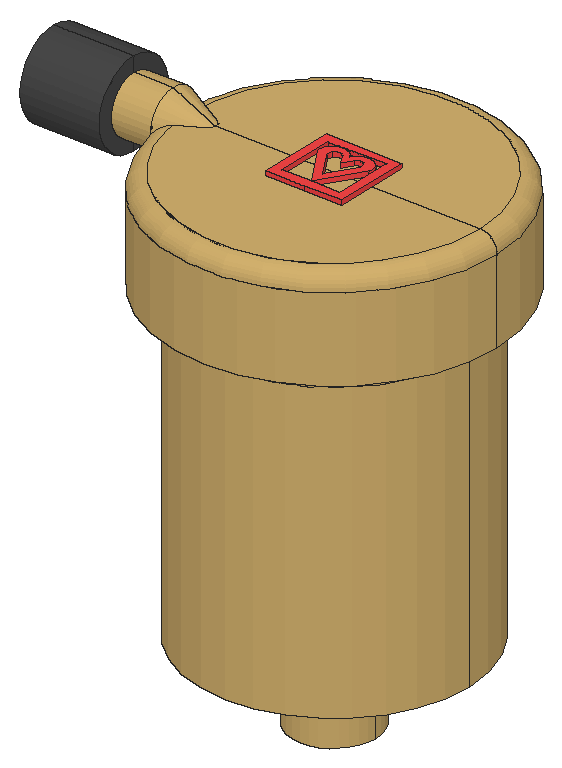
Revit family "Be- u. Entlüfter 2630 02", category Rohrzubehör, Revit 2018
Family settings
  Bemaßung runder Anschluss = Durchmesser verwenden
  Teiletyp = Normal
  OmniClass-Nummer = 23.65.55.14
  OmniClass-Titel = Valves for Liquid Services
  Arbeitsebenenbasiert = Nein
  Immer vertikal = Ja
  Beim Laden mit Abzugskörper schneiden = Nein
  Gemeinsam genutzt = Nein
Parameters
  URL = "www.herz-armaturen.at"
  Schwimmer = "Polypropylen"  # constant formula
  SCRNSEQ = "AWI;AWI_TYP=\"1013\";1"
  SCRNCODE = "05;14;01"  # constant formula
  S02 = 11.000 mm  # constant formula
  S01 = 24.500 mm  # constant formula
  R01 = 2.000 mm  # constant formula
  Nennweite AG [instance] = 10.000 mm  # constant formula
  Min.Betriebstemperatur = 0 °C  # constant formula
  Medium = "Heizungswasser nach ÖNORM H5195 oder VDI- Richtlinie 2035. Die Verwendung von Ethylen- oder Propyleneglykol in einem Mischungsverhältnis von 25 - 50% ist zulässig. EPDM-Dichtungen können durch Mineralöle und Schmiermittel beeinflusst werden, was zum Versagen der EPDM-Dichtungen führen kann. Bitte beachten Sie die Dokumentation des Herstellers, wenn Ethylenglykol-Produkte für den Frost- und Korrosionsschutz verwendet werden."
  Max.Strukturdruck = 1200000.0 Pa  # constant formula
  Max.Betriebstemperatur = 110 °C  # constant formula
  Max.Betriebsdruck = 800000.0 Pa  # constant formula
  L04 = L00 - L01  # 24.000 mm
  L03 = 13.500 mm  # constant formula
  L02 = 4.800 mm  # constant formula
  L01 = 9.500 mm  # constant formula
  L00 = 33.500 mm  # constant formula
  Hersteller = "Herz-Armaturen GmbH"  # constant formula
  H05 = H00 - 1.000 mm  # 58.000 mm
  H04 = H03 - D03  # 57.900 mm
  H03 = 63.000 mm  # constant formula
  H02 = 9.500 mm  # constant formula
  H01 = 12.000 mm  # constant formula
  H00 = 59.000 mm  # constant formula
  Gehäuse = "geschmiedetes Messing nach EN 12165, CW617N"  # constant formula
  G1 [instance] = Nennweite AG / 2  # 5.000 mm
  Dichtungen = "NBR"  # constant formula
  Deckel = "geschmiedetes Messing nach EN 12165, CW617N"  # constant formula
  D05 = 0.800 mm  # constant formula
  D04 = 3.400 mm  # constant formula
  D03 = 5.100 mm  # constant formula
  D02 = 19.500 mm  # constant formula
  D01 = 16.200 mm  # constant formula
  Bestellnummer [instance] = if(Nennweite AG = 10.000 mm, 1263002, 0)  # 1263002
  Aussengewindeanschluss = "nach ISO 228"  # constant formula
  Anwendungsgebiet = "Der automatische Schnellentlüfter wird in Heizungs- und Kühlungssysteme zur Entlüftung der Anlage verwendet. Das Ventil sollte in der Nähe des Boilers oder am höchsten Punkt der Anlage installiert werden, um eine garantierte Entlüftung der Anlage an die Umgebung zu gewährleisten."
  Abdeckkappe = "Polypropylen, Schwarz"  # constant formula
Reference planes
  plane 1 "Mitte (Vorne/hinten)": y = 0
  plane 2: z = 0
  plane 3 "Mitte (Links/rechts)": x = 0
Forms (mm)
  Revolve 1, solid, material "Messing", detail levels fine
    sketch origin (0, 0, 0) x (1, 0, 0) y (0, 0, 1)
      loop
        line (0, 0) -> (0, 59) -> (-17.5, 59)
        arc (-17.5, 59) -> (-18.914, 58.414) -> (-19.5, 57) r 2
        line (-19.5, 57) -> (-19.5, 47) -> (-18.2, 47)
        arc (-18.2, 47) -> (-16.786, 46.414) -> (-16.2, 45) r 2
        line (-16.2, 45) -> (-16.2, 9.5) -> (-5, 9.5) -> (-5, 0) -> (0, 0)
      axis (0, 59) -> (0, 0)
    angle from 0 to 360
  Revolve 2, solid, material "Kunststoff - schwarz", detail levels fine
    sketch origin (0, 0, 0) x (1, 0, 0) y (0, 0, 1)
      loop
        line (-33.5, 57.9) -> (-24, 57.9) -> (-24, 63) -> (-33.5, 63) -> (-33.5, 57.9)
      axis (-33.5, 57.9) -> (-24, 57.9)
    angle from 0 to 360
  Revolve 3, solid, material "Messing", detail levels fine
    sketch origin (0, 0, 0) x (1, 0, 0) y (0, 0, 1)
      loop
        line (-24, 57.9) -> (0, 57.9) -> (0, 58.7) -> (-13.5, 58.7) -> (-19.2, 61.3) -> (-24, 61.3) -> (-24, 57.9)
      axis (-24, 57.9) -> (0, 57.9)
    angle from 0 to 360
Lines and regions (mm)
  model lines, detail levels coarse+medium
    curve 1: line (0, 0, 59) -> (-11.455, 0, 47.545)
    curve 2: line (0, 0, 59) -> (11.455, 0, 47.545)
    curve 3: circle (0, 0, 34.5) r 11 normal (0, -1, 0)
    curve 4: line (0, 0, 10) -> (-11.455, 0, 21.455)
    curve 5: line (0, 0, 10) -> (11.455, 0, 21.455)
    curve 6: line (0, 0, 59) -> (0, 0, 45.5)
    curve 7: line (0, 0, 23.5) -> (0, 0, 0)
    curve 8: line (0, 0, 59) -> (0, -11.455, 47.545)
    curve 9: line (0, 0, 59) -> (0, 11.455, 47.545)
    curve 10: circle (0, 0, 34.5) r 11 normal (1, 0, 0)
    curve 11: line (0, 0, 10) -> (0, -11.455, 21.455)
    curve 12: line (0, 0, 10) -> (0, 11.455, 21.455)
    curve 13: line (0, 59, 0) -> (11.455, 47.545, 0)
    curve 14: line (0, 59, 0) -> (-11.455, 47.545, 0)
    curve 15: circle (0, 34.5, 0) r 11 normal (0, 0, 1)
    curve 16: line (0, 59, 0) -> (0, 45.5, 0)
    curve 17: line (0, 23.5, 0) -> (0, 0, 0)
    curve 18: line (0, 10, 0) -> (11.455, 21.455, 0)
    curve 19: line (0, 10, 0) -> (-11.455, 21.455, 0)
Dimensions and locks
  "G1": Revolve 1 sketch curve to Revolve 1 sketch curve
  "H00": Revolve 1 sketch curve to Revolve 1 sketch curve
  "D01": Revolve 1 sketch curve to Revolve 1 sketch curve
  "D02": Revolve 1 sketch curve to Revolve 1 sketch curve
  "H02": Revolve 1 sketch curve to Revolve 1 sketch curve
  "H01": Revolve 1 sketch curve to Revolve 1 sketch curve
  "D03": Revolve 2 sketch curve to Revolve 2 sketch curve
  "L01": Revolve 2 sketch curve to Revolve 2 sketch curve
  "L00": Revolve 2 sketch curve to plane 3 "Mitte (Links/rechts)"
  "D04": Revolve 3 sketch curve to Revolve 3 sketch curve
  "L02": Revolve 3 sketch curve to Revolve 3 sketch curve
  "L03": Revolve 3 sketch curve to plane 3 "Mitte (Links/rechts)"
  "L04": Revolve 3 sketch curve to plane 3 "Mitte (Links/rechts)"
  "D05": Revolve 3 sketch curve to Revolve 3 sketch curve
  "H03": Revolve 2 sketch curve to plane 2
  "H04": Revolve 3 sketch curve to plane 2
  "H05": nested 1 to plane 2
  "D01": curve 2 to curve 2
  "D01": curve 1 to curve 2
  "S01": curve 5 to curve 3 to curve 2
  "H00": curve 6 to plane 2
  "D01": curve 4 to curve 5
  "D01": curve 5 to curve 5
  "S01": curve 9 to curve 10
  "H00": curve 9 to plane 2
  "S01": curve 12 to curve 10
  "D01": curve 8 to curve 8
  "D01": curve 9 to curve 9
  "D01": curve 11 to curve 11
  "D01": curve 12 to curve 12
  "H00": curve 16 to curve 17
  "D01": curve 14 to curve 14
  "D01": curve 13 to curve 13
  "D01": curve 19 to curve 19
  "D01": curve 18 to curve 18
  "S01": curve 16 to curve 15 to curve 19
  "R01": radius of Revolve 1 sketch curve  (x2)
  "S02": radius of curve 3
  "S02": radius of curve 10
  "S02": radius of curve 15
  angle curve 1 to curve 6 = 45.00°
  angle curve 6 to curve 2 = 45.00°
  angle curve 5 to curve 7 = 45.00°
  angle curve 7 to curve 4 = 45.00°
  angle plane 1 "Mitte (Vorne/hinten)" to curve 9 = 45.00°
  angle curve 8 to plane 1 "Mitte (Vorne/hinten)" = 45.00°
  angle plane 1 "Mitte (Vorne/hinten)" to curve 11 = 45.00°
  angle curve 12 to plane 1 "Mitte (Vorne/hinten)" = 45.00°
  angle curve 16 to curve 13 = 45.00°
  angle curve 14 to curve 16 = 45.00°
  angle curve 16 to curve 19 = 45.00°
  angle curve 18 to curve 17 = 45.00°
  aligned and locked: level to plane 2
Automatic sketch dimensions
  curve 12 to plane 1 "Mitte (Vorne/hinten)" = 0.000 mm
  curve 10 to plane 1 "Mitte (Vorne/hinten)" = 0.000 mm
  curve 9 to plane 1 "Mitte (Vorne/hinten)" = 0.000 mm
  curve 2 to plane 3 "Mitte (Links/rechts)" = 0.000 mm
  curve 7 to plane 3 "Mitte (Links/rechts)" = 0.000 mm
  curve 3 to plane 3 "Mitte (Links/rechts)" = 0.000 mm
  curve 4 to plane 3 "Mitte (Links/rechts)" = 0.000 mm
  curve 14 to plane 3 "Mitte (Links/rechts)" = 0.000 mm
  curve 19 to plane 3 "Mitte (Links/rechts)" = 0.000 mm
  curve 15 to plane 3 "Mitte (Links/rechts)" = 0.000 mm
  curve 17 to plane 3 "Mitte (Links/rechts)" = 0.000 mm
  plane 1 "Mitte (Vorne/hinten)" to curve 17 = 0.000 mm
  Revolve 1 sketch curve to level = 0.000 mm
  Revolve 1 sketch curve to plane 3 "Mitte (Links/rechts)" = 0.000 mm  (x2)
  Revolve 1 sketch curve to level = 2000.000 mm
  Revolve 1 sketch curve to Revolve 1 sketch curve = 1937.000 mm
  Revolve 2 sketch curve to Revolve 2 sketch curve = 0.000 mm  (x3)
  Revolve 3 sketch curve to plane 3 "Mitte (Links/rechts)" = 0.000 mm
  Revolve 3 sketch curve to Revolve 3 sketch curve = 0.212 mm
  Revolve 3 sketch curve to plane 3 "Mitte (Links/rechts)" = 0.539 mm
  Revolve 3 sketch curve to Revolve 3 sketch curve = 0.000 mm
Nested families
  nested 1: "Herz-Logo" at (0, 0, 58), type "Herz-Logo", detail levels fine
Connectors
  piping at (0, 0, 0), diameter 10, driven by "Nennweite AG"
    settings: on Revolve 1, index 1, connector inside diameter 609.6 mm, connector length 0.000 mm, flow factor 0, pipe flow 0.0 L/s, pressure drop 0.0 Pa, fitting loss kfactor 0, connector angle 0.00°, fixture units 0, engagement length 0.000 mm, angle of deflection 0.00°, flow configuration 0, flow direction 1, fitting loss method 0, system type 29, joint type 0, gender type 0, connector reference index -1, connector utility 0, adjustable connector no, is connector primary yes, connector description ""
Definition of nested family "Herz-Logo"
  Reference planes
    plane 1 "Mitte (Vorne/hinten)": y = 0
    plane 2: z = 0
    plane 3 "Mitte (Links/rechts)": x = 0
  Forms (mm)
    Extrusion 1, solid
      sketch origin (0, 0, 0) x (1, 0, 0) y (0, 1, 0)
        loop
          line (-0.018, -4.517) -> (4.482, -4.517) -> (4.482, 4.483) -> (-4.518, 4.483) -> (-4.518, -4.517) -> (-0.018, -4.517)
        loop
          line (-0.05, -3.48) -> (3.482, -3.48) -> (3.482, 3.483) -> (-3.518, 3.483) -> (-3.518, -3.48) -> (-0.05, -3.48)
        loop
          arc (-0.018, 2.383) -> (-1.543, 3.287) -> (-3.067, 2.383) r 1.738
          arc (-3.067, 2.383) -> (-3.191, 1.899) -> (-3.067, 1.415) r 1.009
          line (-3.067, 1.415) -> (-0.018, -3.281) -> (3.032, 1.415)
          arc (3.032, 1.415) -> (3.156, 1.899) -> (3.032, 2.383) r 1.009
          arc (3.032, 2.383) -> (1.507, 3.287) -> (-0.018, 2.383) r 1.738
        loop
          arc (1.885, 1.272) -> (2.005, 1.675) -> (1.885, 2.079) r 0.74
          arc (1.885, 2.079) -> (1.265, 2.416) -> (0.644, 2.079) r 0.74
          line (0.644, 2.079) -> (-0.018, 0.97) -> (-0.679, 2.079)
          arc (-0.679, 2.079) -> (-1.3, 2.416) -> (-1.921, 2.079) r 0.74
          arc (-1.921, 2.079) -> (-2.04, 1.675) -> (-1.921, 1.272) r 0.74
          line (-1.921, 1.272) -> (-0.018, -1.658) -> (1.885, 1.272)
      from 0 to 1.5
  Dimensions and locks
    aligned and locked: level to plane 2
